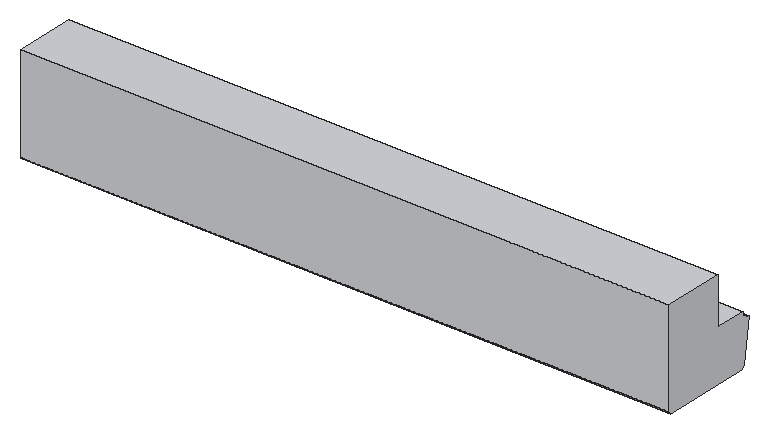
Revit family "KBE d=200_Precast-Console Beam_Spæncom", category Structural Framing, Revit 2014
Parameters (values of type "KBE 38/18")
  Structural Material [instance] = none
  Model = "KBE 38/18"
  Manufacturer = "Spæncom"
  Length [instance] = 3000 mm
  Height element = 380 mm
  Height (bjælkekroppen) = 180 mm
  Width (bjælkekroppen) = 235 mm  # constant formula
  Height console = 200 mm  # constant formula
  Width console = 150 mm  # constant formula
  Base width = 360 mm  # constant formula
Types (9, lengths in mm): name | Model | Height element | Height (bjælkekroppen)
  (no name) | "KBE 38/18" | 380 | 180
  KBE 38/18 | "KBE 38/18" | 380 | 180
  KBE 42/22 | "KBE 42/22" | 420 | 220
  KBE 47/27 | "KBE 47/27" | 470 | 270
  KBE 50/30 | "KBE 50/30" | 500 | 300
  KBE 52/32 | "KBE 52/32" | 520 | 320
  KBE 57/37 | "KBE 57/37" | 570 | 370
  KBE 60/40 | "KBE 60/40" | 600 | 400
  KBE 70/50 | "KBE 70/50" | 700 | 500
Reference planes
  plane 1 "Center (Front/Back)": y = 0
  plane 2 "Center Elevation": z = 0
  plane 3 "Center (Left/Right)": x = 0
  plane 4 "Left": x = -1500
  plane 5 "Member Left": x = -1250
  plane 6 "Stick Symbol Left": x = -1000
  plane 7 "Right": x = 1500
  plane 8 "Member Right": x = 1250
  plane 9 "Stick Symbol Right": x = 1000
  plane 10: z = 200
  plane 11: through (0, 206.875, 175) normal (0, -0.9923, 0.124)
  plane 12: through (0, 206.875, 175) normal (0, -0.9923, 0.124)
  plane 13: z = 200
Forms (mm)
  Extrusion 1, solid, material <- "Structural Material"
    sketch origin (-1500, 0, 0) x (0, -1, 0) y (0, 0, 1)
      loop
        line (175, 380) -> (-60, 380) -> (-60, 200) -> (-180, 200) -> (-180, 190) -> (-206.875, 175) -> (-186.24, 9.923) -> (-175, 0) -> (165, 0) -> (175, 10) -> (175, 380)
    from -2750 to -250
Dimensions and locks
  equal spacing: plane 4 "Left", plane 3 "Center (Left/Right)", plane 7 "Right"
  "Length": plane 4 "Left" to plane 7 "Right"
  "Height console": plane 10 to plane 2 "Center Elevation"
  "Height (bjælkekroppen)": plane 10 to Extrusion 1
  plane 11 to Extrusion 1 = 150 mm
  "Width (bjælkekroppen)": Extrusion 1 to Extrusion 1
  "Base width": plane 11 to Extrusion 1
  Extrusion 1 to Extrusion 1 = 380 mm
  "Width console": plane 11 to Extrusion 1 sketch curve
  locked: plane 13 to Extrusion 1 sketch curve at 30
  aligned and locked: level to plane 2 "Center Elevation"
  aligned and locked: Extrusion 1 to plane 8 "Member Right"
  aligned and locked: plane 5 "Member Left" to Extrusion 1
  aligned and locked: Extrusion 1 to plane 11
  aligned and locked: Extrusion 1 to level
  aligned and locked: Extrusion 1 to plane 10
Automatic sketch dimensions
  Extrusion 1 sketch curve to plane 11 = 0 mm  (x2)
  plane 10 to Extrusion 1 sketch curve = 0 mm
  Extrusion 1 sketch curve to level = 0 mm
  Extrusion 1 sketch curve to plane 1 "Center (Front/Back)" = 175 mm
  level to Extrusion 1 sketch curve = 9.923 mm
  plane 1 "Center (Front/Back)" to Extrusion 1 sketch curve = 165 mm
  level to Extrusion 1 sketch curve = 10 mm
  Extrusion 1 sketch curve to Extrusion 1 sketch curve = 10 mm
  Extrusion 1 sketch curve to plane 10 = 180 mm
  plane 10 to Extrusion 1 sketch curve = 10 mm
  plane 10 to Extrusion 1 sketch curve = 25 mm
